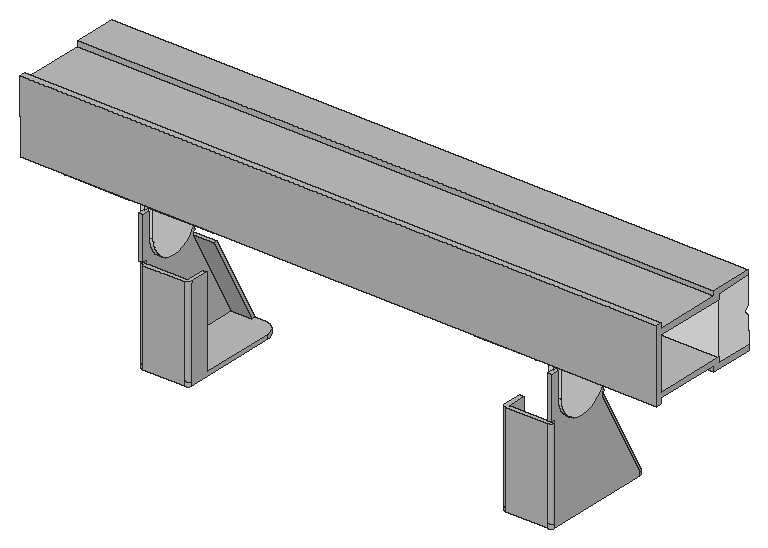
Revit family "4070741+4070746+4070771 Feilo Sylvania Lighting Fixture CURSUS 306MM 192LM WIDE LED 4K with CONTINUOUS WALL HOUSING with 70MM WALL BRACKET", category Lighting Fixtures, host Face, Revit 2017
Family settings
  Host = Face
  Round Connector Dimension = Use Diameter
  Part Type = Normal
  OmniClass Number = 23.80.70.14
  OmniClass Title = Luminaries for External Lighting
  Cut with Voids When Loaded = Yes
  Light Source = No
  Shared = No
  Room Calculation Point = No
Parameters (values of type "4070741 CURSUS 306MM 192LM WIDE LED 4K")
  Weight = "0.6 kg"
  Wattage Comments = "n/a"
  WarrantyStartDate [instance] = "n/a"
  WarrantyGuarantorParts = "n/a"
  WarrantyDurationUnit = "n/a"
  WarrantyDurationParts = "n/a"
  WarrantyDescription = "n/a"
  Voltage = 24 V
  URL = "http://www.sylvania-lighting.com"
  TypeName = "CURSUS 306MM 192LM WIDE LED 4K"
  TypeFixture_FEILO = CURSUS with CONTINUOUS WALL HOUSING : CURSUS 306MM 192LM WIDE LED 4K
  Type Image = <None>
  Type Comments = "n/a"
  TiltAngle [instance] = 0.00°
  StartAngle [instance] = TiltAngle + 270.00°  # 270.00°
  SerialNumber [instance] = "n/a"
  ReflectorMaterial = none
  PowerFactor = 0
  PowerConsumption = "4.5 W"
  NominalLength = 306 mm
  NominalHeight = 50 mm
  NominalDepth = 30 mm
  Name = "CURSUS 306MM 192LM WIDE LED 4K"
  ModelReference = Name  # "CURSUS 306MM 192LM WIDE LED 4K"
  ModelNumber = "4070741"
  Model = Name  # "CURSUS 306MM 192LM WIDE LED 4K"
  Material = "natural anodised extruded aluminium structure housing"
  ManufacturerName = "Feilo Sylvania"
  Manufacturer = "Feilo Sylvania"
  LuminousEfficacy = "42.66 lm/W"
  LuminaireType = ""
  LightOutputRatio = "100"
  LampsType = Lamp  # "LED"
  LampNominalLuminous = "192 lm"
  LampMacAdamStep = "n/a"
  LampColourTemperature = "4000 K"
  LampColourRenderingIndex = "80"
  Lamp = "LED"
  Keynote = "16500"
  InstallationDate [instance] = "n/a"
  InputVoltage = "24V DC"
  InputNominalFrequency = "n/a"
  IngressProtection = "IP67"
  ImpactProtectionIndex = "IK07"
  IfcExportType = "IfcLightFixtureType"
  IfcExportAs = "IfcLightFixtureType"
  ExpectedLife = 50000
  EndAngle [instance] = StartAngle - 180.00°  # 90.00°
  ElectricShockClassification = "Class III"
  DurationUnit = "hours"
  DocumentationLiterature = "http://www.sylvania-lighting.com/product/en-int/products/4070741"
  DimmingControlOptions = "n/a"
  DiffuserMaterial = Diffuser-Sylvania-Glow
  Description = "LED Exterior Lighting Recessed Surface Mounted Linear Fixture, Natural anodised extruded aluminium structure. Die-cast aluminium end caps. Installation kit with harmonic steel springs., 192 lm, 4,5W,  42lm/W, 4000K, CRI80+,non dimmable,IP67, IK07, (HxWxD) 306x50x30mm, 3 step Mac Adam Ellipse, 0.6kg,, Classe III, 21-25V-DC, energy class : A++, A+, A"
  Default Elevation = 1219.2 mm
  CreatedOn = "1/8/2018"
  CreatedBy = ""
  Cost = 0
  built-in parameter 1114216 [instance] = (empty or 0)
  ClassificationValue = "EF_70_80"
  ClassificationName = "Uniclass2015"
  BracketWidth = 24 mm
  BracketThickness = 2 mm
  BracketHeightEnd = 32 mm
  BracketHeight = 55 mm
  BracketFlange = BracketHeight / 5  # 11 mm
  BracketExtension = 70 mm
  BracketEndReduction = 25 mm
  BracketC = 22 mm  # constant formula
  BracketDistance = 175 mm
  BracketD = BracketHeightEnd - (BracketC * (BracketHeight - BracketHeightEnd) / (BracketExtension - BracketEndReduction))  # 20.756 mm
  BodyMaterial = Body-Sylvania-Gray
  BarCode [instance] = "n/a"
  AssetType = "Fixed"
  AssetIdentifier [instance] = "n/a"
  Assembly Code = "D5020200"
  Apparent Load = 4.5 VA
  AccessoryMaterial = Diffuser-Sylvania-Glow
Reference planes
  plane 1 "Center (Front/Back)": y = 0
  plane 2: z = 0
  plane 3 "Center (Left/Right)": x = 0
  plane 4: x = -99.5
  plane 5: x = 99.5
  plane 6: y = 55
  plane 7: x = -75.5
  plane 8: x = 75.5
  plane 9: z = 70
  plane 10: z = 56
  plane 11: z = 2
  plane 12: z = 45
  plane 13: x = -97.5
  plane 14: y = 53
  plane 15: y = 2
  plane 16: x = -77.5
  plane 17: x = 77.5
  plane 18: x = 97.5
  plane 19: x = -87.5
  plane 20: x = 87.5
  plane 21: y = 11
  plane 22: y = 32
  plane 23: y = 30
  plane 24: z = 67
  plane 25: y = 20.756
  plane 26: y = 16
Forms (mm)
  Blend 1, solid, material "Body-Sylvania-Gray" <- "BodyMaterial"
    base sketch origin (1223.4, -4572, 2) x (0, -1, 0) y (1, 0, 0)
      loop
        line (-4625, -1310.9) -> (-4627, -1310.9) -> (-4627, -1320.9)
        arc (-4627, -1320.9) -> (-4626.414, -1322.314) -> (-4625, -1322.9) r 2
        line (-4625, -1322.9) -> (-4574, -1322.9)
        arc (-4574, -1322.9) -> (-4572.586, -1322.314) -> (-4572, -1320.9) r 2
        line (-4572, -1320.9) -> (-4572, -1300.9)
        arc (-4572, -1300.9) -> (-4572.586, -1299.486) -> (-4574, -1298.9) r 2
        line (-4574, -1298.9) -> (-4583, -1298.9) -> (-4583, -1300.9) -> (-4574, -1300.9) -> (-4574, -1320.9) -> (-4625, -1320.9) -> (-4625, -1310.9)
    top sketch origin (1223.4, -4572, 2) x (0, -1, 0) y (1, 0, 0)
      loop
        line (-4583, -1300.9) -> (-4574, -1300.9) -> (-4574, -1320.9) -> (-4602, -1320.9) -> (-4602, -1310.9) -> (-4604, -1310.9) -> (-4604, -1320.9)
        arc (-4604, -1320.9) -> (-4603.52, -1322.21) -> (-4602.309, -1322.9) r 2.028
        line (-4602.309, -1322.9) -> (-4574, -1322.9)
        arc (-4574, -1322.9) -> (-4572.586, -1322.314) -> (-4572, -1320.9) r 2
        line (-4572, -1320.9) -> (-4572, -1300.9)
        arc (-4572, -1300.9) -> (-4572.586, -1299.486) -> (-4574, -1298.9) r 2
        line (-4574, -1298.9) -> (-4583, -1298.9) -> (-4583, -1300.9)
    from 0 to 43
  Extrusion 2, solid, material "Body-Sylvania-Gray" <- "BodyMaterial"
    sketch origin (0, 0, 0) x (1, 0, 0) y (0, 1, 0)
      loop
        arc (-97.5, 55) -> (-98.914, 54.414) -> (-99.5, 53) r 2
        line (-99.5, 53) -> (-99.5, 2)
        arc (-99.5, 2) -> (-98.914, 0.586) -> (-97.5, 0) r 2
        line (-97.5, 0) -> (-77.5, 0)
        arc (-77.5, 0) -> (-76.086, 0.586) -> (-75.5, 2) r 2
        line (-75.5, 2) -> (-75.5, 47.5)
        arc (-75.5, 47.5) -> (-77.697, 52.803) -> (-83, 55) r 7.5
        line (-83, 55) -> (-97.5, 55)
      loop
        line (97.5, 55) -> (83, 55)
        arc (83, 55) -> (77.697, 52.803) -> (75.5, 47.5) r 7.5
        line (75.5, 47.5) -> (75.5, 2)
        arc (75.5, 2) -> (76.086, 0.586) -> (77.5, 0) r 2
        line (77.5, 0) -> (97.5, 0)
        arc (97.5, 0) -> (98.914, 0.586) -> (99.5, 2) r 2
        line (99.5, 2) -> (99.5, 53)
        arc (99.5, 53) -> (98.914, 54.414) -> (97.5, 55) r 2
    from 0 to 2
  Blend 3, solid, material "Body-Sylvania-Gray" <- "BodyMaterial"
    base sketch origin (1223.4, -4572, 2) x (0, -1, 0) y (1, 0, 0)
      loop
        line (-4625, -1125.9) -> (-4574, -1125.9) -> (-4574, -1145.9) -> (-4583, -1145.9) -> (-4583, -1147.9) -> (-4574, -1147.9)
        arc (-4574, -1147.9) -> (-4572.586, -1147.314) -> (-4572, -1145.9) r 2
        line (-4572, -1145.9) -> (-4572, -1125.9)
        arc (-4572, -1125.9) -> (-4572.586, -1124.486) -> (-4574, -1123.9) r 2
        line (-4574, -1123.9) -> (-4625, -1123.9)
        arc (-4625, -1123.9) -> (-4626.414, -1124.486) -> (-4627, -1125.9) r 2
        line (-4627, -1125.9) -> (-4627, -1135.9) -> (-4625, -1135.9) -> (-4625, -1125.9)
    top sketch origin (1223.4, -4572, 2) x (0, -1, 0) y (1, 0, 0)
      loop
        line (-4602, -1135.9) -> (-4602, -1125.9) -> (-4574, -1125.9) -> (-4574, -1145.9) -> (-4583, -1145.9) -> (-4583, -1147.9) -> (-4574, -1147.9)
        arc (-4574, -1147.9) -> (-4572.586, -1147.314) -> (-4572, -1145.9) r 2
        line (-4572, -1145.9) -> (-4572, -1125.9)
        arc (-4572, -1125.9) -> (-4572.586, -1124.486) -> (-4574, -1123.9) r 2
        line (-4574, -1123.9) -> (-4602, -1123.9)
        arc (-4602, -1123.9) -> (-4603.414, -1124.486) -> (-4604, -1125.9) r 2
        line (-4604, -1125.9) -> (-4604, -1135.9) -> (-4602, -1135.9)
    from 0 to 43
  Blend 4, solid, material "Body-Sylvania-Gray" <- "BodyMaterial"
    base sketch origin (1223.4, -4572, 45) x (0, -1, 0) y (1, 0, 0)
      loop
        line (-4604, -1322.9) -> (-4572, -1322.9) -> (-4572, -1320.9) -> (-4604, -1320.9) -> (-4604, -1322.9)
    top sketch origin (1223.4, -4572, 45) x (0, -1, 0) y (1, 0, 0)
      loop
        line (-4572, -1322.9) -> (-4572, -1320.9) -> (-4592.756, -1320.9) -> (-4592.756, -1322.9) -> (-4572, -1322.9)
    from 0 to 22
  Blend 5, solid, material "Body-Sylvania-Gray" <- "BodyMaterial"
    base sketch origin (1223.4, -4572, 45) x (0, -1, 0) y (1, 0, 0)
      loop
        line (-4604, -1125.9) -> (-4572, -1125.9) -> (-4572, -1123.9) -> (-4604, -1123.9) -> (-4604, -1125.9)
    top sketch origin (1223.4, -4572, 45) x (0, -1, 0) y (1, 0, 0)
      loop
        line (-4572, -1123.9) -> (-4592.756, -1123.9) -> (-4592.756, -1125.9) -> (-4572, -1125.9) -> (-4572, -1123.9)
    from 0 to 22
  Extrusion 6, void
    sketch origin (0, 0, 0) x (0, 1, 0) y (0, 0, 1)
      loop
        line (0, 45) -> (2, 45) -> (2, 46.5) -> (0, 46.5) -> (0, 45)
      loop
        line (32, 45) -> (32, 46.5) -> (30, 46.5) -> (30, 45) -> (32, 45)
    from -99.5 to 99.5
  Revolve 7, solid, not visible
    sketch origin (1524, 16, 1219.2) x (1, 0, 0) y (0, 0, 1)
      loop
        line (-1524, -1152.2) -> (-1524, -1163.2) -> (-1436.5, -1163.2) -> (-1436.5, -1152.2) -> (-1524, -1152.2)
      axis (-1436.5, -1163.2) -> (-1524, -1163.2)
    angle from 270 <- "StartAngle" to 90 <- "EndAngle"
Cuts and joins
  Extrusion 6 cuts Blend 4
  Extrusion 6 cuts Blend 5
  joined: Blend 1, Extrusion 2, Blend 3, Blend 4, Blend 5
Lines and regions (mm)
  reference lines, not visible
    curve 1: line (-75.5, 16, 56) -> (75.5, 16, 56)
Dimensions and locks
  equal spacing: plane 4, plane 3 "Center (Left/Right)", plane 5
  "BracketDistance": plane 19 to plane 20
  "BracketHeight": plane 1 "Center (Front/Back)" to plane 6
  equal spacing: plane 7, plane 3 "Center (Left/Right)", plane 8
  "BracketWidth": plane 4 to plane 7
  "BracketExtension": plane 9 to plane 2
  "BracketThickness": plane 11 to plane 2
  "BracketEndReduction": plane 9 to plane 12
  equal spacing: plane 13, plane 3 "Center (Left/Right)", plane 18
  equal spacing: plane 16, plane 3 "Center (Left/Right)", plane 17
  "BracketThickness": plane 4 to plane 13
  "BracketThickness": plane 16 to plane 7
  "BracketThickness": plane 14 to plane 6
  "BracketThickness": plane 1 "Center (Front/Back)" to plane 15
  equal spacing: plane 4, plane 19, plane 7
  equal spacing: plane 8, plane 20, plane 5
  "BracketFlange": plane 1 "Center (Front/Back)" to plane 21
  "BracketHeightEnd": plane 1 "Center (Front/Back)" to plane 22
  "BracketThickness": plane 23 to plane 22
  locked: Extrusion 2 sketch curve to plane 7 at 7.5
  locked: Extrusion 2 sketch curve to plane 6 at 7.5  (x2)
  locked: plane 8 to Extrusion 2 sketch curve at 7.5
  "BracketC": plane 24 to plane 12
  "BracketD": plane 1 "Center (Front/Back)" to plane 25
  locked: plane 12 to Extrusion 6 sketch curve at 1.5
  equal spacing: plane 24, plane 10, plane 12
  equal spacing: plane 1 "Center (Front/Back)", plane 26, plane 22
  aligned and locked: plane 2 to host face
  aligned and locked: level to host face
  aligned and locked: plane 4 to Blend 1 sketch curve  (x2)
  aligned and locked: plane 13 to Blend 1 sketch curve  (x3)
  aligned and locked: Blend 1 sketch curve to plane 15
  aligned and locked: Blend 1 sketch curve to plane 16
  aligned and locked: Blend 1 sketch curve to plane 21
  aligned and locked: plane 7 to Blend 1 sketch curve
  aligned and locked: plane 16 to Blend 1 sketch curve
  aligned and locked: plane 1 "Center (Front/Back)" to Blend 1 sketch curve
  aligned and locked: plane 14 to Blend 1 sketch curve
  aligned and locked: Blend 1 sketch curve to var sketch  (x6)
  aligned and locked: Blend 1 sketch curve to plane 19
  aligned and locked: Blend 1 sketch curve to plane 22
  aligned and locked: plane 23 to Blend 1 sketch curve
  aligned and locked: plane 11 to Blend 1
  aligned and locked: Extrusion 2 sketch curve to Blend 1  (x3)
  aligned and locked: Extrusion 2 to level
  aligned and locked: Extrusion 2 to plane 11
  aligned and locked: Extrusion 2 sketch curve to plane 7
  aligned and locked: plane 18 to Blend 3 sketch curve  (x4)
  aligned and locked: plane 14 to Blend 3 sketch curve  (x2)
  aligned and locked: Blend 3 sketch curve to plane 20
  aligned and locked: Blend 3 sketch curve to plane 6
  aligned and locked: plane 5 to Blend 3 sketch curve
  aligned and locked: plane 1 "Center (Front/Back)" to Blend 3 sketch curve
  aligned and locked: plane 15 to Blend 3 sketch curve  (x2)
  aligned and locked: Blend 3 sketch curve to plane 8
  aligned and locked: Blend 3 sketch curve to plane 21
  aligned and locked: plane 17 to Blend 3 sketch curve
  aligned and locked: Blend 3 sketch curve to plane 18
  aligned and locked: plane 20 to Blend 3 sketch curve  (x2)
  aligned and locked: Blend 3 sketch curve to plane 23
  aligned and locked: Blend 3 sketch curve to var sketch  (x8)
  aligned and locked: var sketch to Blend 3 sketch curve
  aligned and locked: plane 22 to Blend 3 sketch curve
  aligned and locked: plane 11 to Blend 3
  aligned and locked: Extrusion 2 sketch curve to Blend 3  (x4)
  aligned and locked: Blend 1 to plane 12
  aligned and locked: Blend 3 to plane 12
  aligned and locked: Blend 4 sketch curve to plane 22
  aligned and locked: Blend 4 sketch curve to cut or joined group of Blend 1, Extrusion 2, Blend 3, Blend 4, Blend 5, Extrusion 6  (x2)
  aligned and locked: cut or joined group of Blend 1, Extrusion 2, Blend 3, Blend 4, Blend 5, Extrusion 6 to Blend 4 sketch curve
  aligned and locked: Blend 4 sketch curve to var sketch  (x2)
  aligned and locked: Blend 4 sketch curve to plane 13
  aligned and locked: Blend 4 to plane 24
  aligned and locked: Blend 4 sketch curve to plane 25
  aligned and locked: Blend 5 sketch curve to plane 18  (x2)
  aligned and locked: plane 1 "Center (Front/Back)" to Blend 5 sketch curve
  aligned and locked: plane 5 to Blend 5 sketch curve
  aligned and locked: plane 22 to Blend 5 sketch curve
  aligned and locked: Blend 5 sketch curve to var sketch
  aligned and locked: var sketch to Blend 5 sketch curve
  aligned and locked: Blend 5 sketch curve to plane 25
  aligned and locked: Blend 5 to plane 24
  aligned and locked: plane 12 to Blend 5
  aligned and locked: Extrusion 6 sketch curve to cut or joined group of Blend 1, Extrusion 2, Blend 3, Blend 4, Blend 5, Extrusion 6  (x2)
  aligned and locked: Extrusion 6 sketch curve to Extrusion 6 sketch curve
  aligned and locked: Extrusion 6 sketch curve to plane 15
  aligned and locked: plane 5 to Extrusion 6
  aligned and locked: Extrusion 6 to plane 4
  aligned and locked: Extrusion 6 sketch curve to plane 23
  aligned and locked: Revolve 7 sketch curve to plane 10  (x2)
  aligned and locked: plane 24 to Revolve 7 sketch curve
  aligned and locked: plane 3 "Center (Left/Right)" to Revolve 7 sketch curve
  aligned and locked: Revolve 7 sketch curve to plane 20
  aligned and locked: plane 7 to curve 1
  aligned and locked: plane 10 to curve 1
  aligned and locked: nested 1 to plane 5
  aligned and locked: nested 2 to plane 4
  aligned and locked: nested 1 to curve 1
  aligned and locked: nested 2 to curve 1
  aligned and locked: nested 1 to nested 3
  aligned and locked: nested 3 to plane 3 "Center (Left/Right)"
Automatic sketch dimensions
  host sketch curve to host sketch curve = 2438.4 mm  (x2)
  Blend 1 sketch curve to plane 13 = 0 mm
  plane 15 to Blend 1 sketch curve = 0 mm  (x3)
  Blend 1 sketch curve to plane 23 = 0.309 mm
  plane 6 to Blend 1 sketch curve = 0 mm
  plane 14 to Blend 1 sketch curve = 0 mm
  Blend 1 sketch curve to plane 19 = 0 mm
  Blend 3 sketch curve to plane 17 = 0 mm
  Extrusion 6 sketch curve to plane 1 "Center (Front/Back)" = 0 mm
  plane 12 to Extrusion 6 sketch curve = 0 mm
  Revolve 7 sketch curve to plane 4 = 1153 mm
  plane 5 to Revolve 7 sketch curve = 1161.4 mm
  curve 1 to plane 8 = 0 mm
Nested families
  nested 1: "MountingPlate" at (98.5, 16, 56) x (-1, 0, 0) z (0, 0, 1), type "MountingPlate"
  nested 2: "MountingPlate" at (-98.5, 16, 56) x (-1, 0, 0) z (0, 0, 1), type "MountingPlate"
  nested 3: "CURSUS with CONTINUOUS WALL HOUSING" at (0, -4, 74) x (-1, 0, 0) z (0, 0, 1), type <- "TypeFixture_FEILO", type "CURSUS 306MM 192LM WIDE LED 4K"
    with WarrantyStartDate "n/a", SerialNumber "n/a", InstallationDate "n/a", EndCapRight no, EndCapLeft no, built-in parameter 1114216 (empty or 0), BarCode "n/a", AssetIdentifier "n/a"
Connectors
  electrical at (0, 0, 0), driven by "Voltage", driven by "Apparent Load", driven by "PowerFactor", driven by "Apparent Load"
    settings: index 1, voltage 24 V, apparent load 4.5 VA, apparent load phase1 4.5 VA, apparent load phase2 0 VA, apparent load phase3 0 VA, power factor 0, load classification "Other", number of poles 1, system type 30, power factor state 1, is connector primary yes, connector utility no, sub classification motor no, connector description ""
Definition of nested family "MountingPlate"
  Parameters (values of type "MountingPlate")
    URL = "http://www.feilosylvania.com"
    Type Comments = "n/a"
    ReflectorMaterial = none
    MountingPlateWidth = 76 mm
    MountingPlateThickness = 2 mm
    MountingPlateRadiusBack = 12 mm
    MountingPlateRadius = 3 mm
    MountingPlateHeight = 35 mm
    Model = "n/a"
    Manufacturer = "Feilo Sylvania"
    Keynote = "n/a"
    DiffuserMaterial = none
    Description = "n/a"
    Default Elevation = 1219.2 mm
    Cost = 0
    BodyMaterial = none
    Assembly Code = "n/a"
    AccessoryMaterial = none
  Reference planes
    plane 1 "Center (Front/Back)": y = 0
    plane 2: z = 0
    plane 3 "Center (Left/Right)": x = 0
    plane 4: x = -38
    plane 5: x = 38
    plane 6: y = 17.5
    plane 7: y = -17.5
    plane 8: x = -3
    plane 9: x = 3
    plane 10: z = 18
    plane 11: z = 16
    plane 12: y = 12.5
    plane 13: y = -12.5
    plane 14: x = -1
    plane 15: x = 1
    plane 16: z = -12.5
    plane 17: z = -14.5
  Forms (mm)
    Extrusion 1, solid
      sketch origin (1.653, 0, 0) x (1, 0, 0) y (0, 1, 0)
        loop
          line (-1219.2, 1219.2) -> (-1219.2, -1219.2) -> (1219.2, -1219.2) -> (1219.2, 1219.2) -> (-1219.2, 1219.2)
      from 0 to -304.8
    Extrusion 2, solid, material <- "BodyMaterial"
      sketch origin (1218.4, -4572, 16) x (0, -1, 0) y (-1, 0, 0)
        loop
          line (-4589.5, 1253.4) -> (-4589.5, 1224.4)
          arc (-4589.5, 1224.4) -> (-4588.621, 1222.279) -> (-4586.5, 1221.4) r 3
          line (-4586.5, 1221.4) -> (-4557.5, 1221.4)
          arc (-4557.5, 1221.4) -> (-4555.379, 1222.279) -> (-4554.5, 1224.4) r 3
          line (-4554.5, 1224.4) -> (-4554.5, 1253.4)
          arc (-4554.5, 1253.4) -> (-4555.379, 1255.521) -> (-4557.5, 1256.4) r 3
          line (-4557.5, 1256.4) -> (-4586.5, 1256.4)
          arc (-4586.5, 1256.4) -> (-4588.621, 1255.521) -> (-4589.5, 1253.4) r 3
        loop
          arc (-4589.5, 1183.4) -> (-4588.621, 1181.279) -> (-4586.5, 1180.4) r 3
          line (-4586.5, 1180.4) -> (-4557.5, 1180.4)
          arc (-4557.5, 1180.4) -> (-4555.379, 1181.279) -> (-4554.5, 1183.4) r 3
          line (-4554.5, 1183.4) -> (-4554.5, 1212.4)
          arc (-4554.5, 1212.4) -> (-4555.379, 1214.521) -> (-4557.5, 1215.4) r 3
          line (-4557.5, 1215.4) -> (-4586.5, 1215.4)
          arc (-4586.5, 1215.4) -> (-4588.621, 1214.521) -> (-4589.5, 1212.4) r 3
          line (-4589.5, 1212.4) -> (-4589.5, 1183.4)
      from 0 to -2
    Extrusion 3, solid, material <- "BodyMaterial"
      sketch origin (0, 0, 0) x (1, 0, 0) y (0, 0, 1)
        loop
          line (-3, 18) -> (-3, -12.5) -> (-1, -12.5) -> (-1, 16)
          arc (-1, 16) -> (-1.586, 17.414) -> (-3, 18) r 2
        loop
          line (3, -12.5) -> (3, 18)
          arc (3, 18) -> (1.586, 17.414) -> (1, 16) r 2
          line (1, 16) -> (1, -12.5) -> (3, -12.5)
      from -12.5 to 12.5
    Extrusion 4, void
      sketch origin (0, 0, 0) x (0, 1, 0) y (0, 0, 1)
        loop
          line (-12.5, -0.5) -> (-17.5, -0.5) -> (-17.5, -14.5) -> (-0.5, -14.5) -> (-0.5, -12.5)
          arc (-0.5, -12.5) -> (-8.985, -8.985) -> (-12.5, -0.5) r 12
        loop
          line (0.5, -12.5) -> (0.5, -14.5) -> (17.5, -14.5) -> (17.5, -0.5) -> (12.5, -0.5)
          arc (12.5, -0.5) -> (8.985, -8.985) -> (0.5, -12.5) r 12
      from -3 to 3
  Cuts and joins
    Extrusion 4 cuts Extrusion 2
    Extrusion 4 cuts Extrusion 3
    joined: Extrusion 2, Extrusion 3
  Lines and regions (mm)
    reference lines
      curve 1: line (-38, 0, 0) -> (38, 0, 0)
  Dimensions and locks
    equal spacing: plane 4, plane 3 "Center (Left/Right)", plane 5
    "MountingPlateWidth": plane 4 to plane 5
    equal spacing: plane 7, plane 1 "Center (Front/Back)", plane 6
    "MountingPlateHeight": plane 7 to plane 6
    equal spacing: plane 8, plane 3 "Center (Left/Right)", plane 9
    "MountingPlateHeight": plane 4 to plane 8
    locked: plane 10 to plane 2 at 18
    "MountingPlateThickness": plane 10 to plane 11
    equal spacing: plane 13, plane 1 "Center (Front/Back)", plane 12
    locked: plane 13 to plane 12 at 25
    "MountingPlateRadius": plane 4 to Extrusion 2 sketch curve  (x2)
    "MountingPlateRadius": Extrusion 2 sketch curve to plane 6  (x4)
    "MountingPlateRadius": Extrusion 2 sketch curve to plane 8  (x2)
    "MountingPlateRadius": plane 7 to Extrusion 2 sketch curve  (x4)
    "MountingPlateRadius": plane 9 to Extrusion 2 sketch curve  (x2)
    "MountingPlateRadius": Extrusion 2 sketch curve to plane 5  (x2)
    equal spacing: plane 15, plane 3 "Center (Left/Right)", plane 14
    "MountingPlateThickness": plane 14 to plane 8
    locked: plane 2 to plane 16 at 12.5
    locked: plane 17 to plane 16 at 2
    "MountingPlateRadiusBack": plane 13 to Extrusion 4 sketch curve
    "MountingPlateRadiusBack": plane 16 to Extrusion 4 sketch curve  (x2)
    "MountingPlateRadiusBack": Extrusion 4 sketch curve to plane 12
    aligned and locked: plane 2 to Extrusion 1
    aligned and locked: level to Extrusion 1
    aligned and locked: Extrusion 2 sketch curve to plane 6
    aligned and locked: Extrusion 2 sketch curve to plane 4
    aligned and locked: plane 7 to Extrusion 2 sketch curve
    aligned and locked: plane 8 to Extrusion 2 sketch curve
    aligned and locked: plane 6 to Extrusion 2 sketch curve
    aligned and locked: Extrusion 2 sketch curve to plane 5
    aligned and locked: Extrusion 2 sketch curve to plane 7
    aligned and locked: plane 9 to Extrusion 2 sketch curve
    aligned and locked: Extrusion 2 to plane 10
    aligned and locked: plane 11 to Extrusion 2
    aligned and locked: Extrusion 3 sketch curve to Extrusion 2  (x2)
    aligned and locked: plane 16 to Extrusion 3 sketch curve  (x2)
    aligned and locked: plane 14 to Extrusion 3 sketch curve
    aligned and locked: plane 9 to Extrusion 3 sketch curve
    aligned and locked: plane 15 to Extrusion 3 sketch curve
    aligned and locked: Extrusion 3 to plane 12
    aligned and locked: plane 13 to Extrusion 3
    aligned and locked: plane 17 to Extrusion 4 sketch curve  (x2)
    aligned and locked: Extrusion 4 sketch curve to plane 7
    aligned and locked: Extrusion 4 sketch curve to plane 6
    aligned and locked: plane 9 to Extrusion 4
    aligned and locked: Extrusion 4 to plane 8
    aligned and locked: plane 4 to curve 1
    aligned and locked: curve 1 to level
  Automatic sketch dimensions
    Extrusion 1 sketch curve to Extrusion 1 sketch curve = 2438.4 mm  (x2)
    Extrusion 3 sketch curve to plane 11 = 0 mm
    curve 1 to plane 5 = 0 mm
    Extrusion 4 sketch curve to plane 13 = 0 mm
    Extrusion 4 sketch curve to plane 12 = 0 mm
Definition of nested family "CURSUS with CONTINUOUS WALL HOUSING"
  Parameters (values of type "CURSUS 1161MM 827LM OVAL LED 3K")
    Width_FEILO = 35 mm
    Weight = "2.2 kg"
    Wattage Comments = "n/a"
    Wattage = 18 W
    WarrantyStartDate [instance] = "n/a"
    WarrantyGuarantorParts = "n/a"
    WarrantyDurationUnit = "n/a"
    WarrantyDurationParts = "n/a"
    WarrantyDescription = "n/a"
    WallThickness_FEILO = 2.5 mm
    built-in parameter 1150110 = 1 (stored number, unit not read)
    Voltage = 24 V
    URL = "http://www.feilosylvania.com"
    TypeName = "CURSUS 1161MM 827LM OVAL LED 3K"
    Type Image = (empty or 0)
    Type Comments = "n/a"
    built-in parameter 1114217 = 1 (stored number, unit not read)
    Tilt Angle = -90.00°
    built-in parameter 1150109 = 1 (stored number, unit not read)
    built-in parameter 1150134 = (empty or 0)
    built-in parameter 1150113 = 1 (stored number, unit not read)
    SerialNumber [instance] = "n/a"
    ReflectorMaterial = none
    PowerFactor = 0
    PowerConsumption = "18 W"
    Photometric Web File = "4070765.ies"
    NominalLength = 1161 mm
    NominalHeight = 50 mm
    NominalDepth = 30 mm
    Name = "CURSUS 1161MM 827LM OVAL LED 3K"
    ModelReference = Name  # "CURSUS 1161MM 827LM OVAL LED 3K"
    ModelNumber = ""
    Model = Name  # "CURSUS 1161MM 827LM OVAL LED 3K"
    Material = "natural anodised extruded aluminium structure housing, optical system with pmma lenses diffuser"
    ManufacturerName = "Feilo Sylvania"
    Manufacturer = "Feilo Sylvania"
    LuminousEfficacy = "45.94 lm/W"
    built-in parameter 1150105 = 65.811 (stored number, unit not read)
    Lumens = 827 lm
    LuminaireType = ""
    built-in parameter 1150115 = 1 (stored number, unit not read)
    LightOutputRatio = "100"
    built-in parameter 1150137 = (empty or 0)
    built-in parameter 1150139 = (empty or 0)
    Length_FEILO = 1167 mm
    LampsType = Lamp  # "LED"
    LampNominalLuminous = "827 lm"
    LampMacAdamStep = "n/a"
    LampColourTemperature = "3000 K"
    LampColourRenderingIndex = "80"
    built-in parameter 1150112 = 1 (stored number, unit not read)
    built-in parameter 1150114 = 1 (stored number, unit not read)
    Lamp = "LED"
    Keynote = "16500"
    InstallationDate [instance] = "n/a"
    InputVoltage = "24V DC"
    InputNominalFrequency = "n/a"
    built-in parameter 1150132 = (empty or 0)
    built-in parameter 1150102 = (empty or 0)
    built-in parameter 1150107 = 3000 (stored number, unit not read)
    built-in parameter 1150138 = (empty or 0)
    IngressProtection = "IP67"
    ImpactProtectionIndex = "IK07"
    built-in parameter 1150106 = 0.65811 (stored number, unit not read)
    IfcExportType = "IfcLightFixtureType"
    IfcExportAs = "IfcLightFixtureType"
    ExpectedLife = 50000
    EndCapRight [instance] = no
    EndCapLeft [instance] = no
    Emit from Rectangle Width = Width_FEILO - WallThickness_FEILO * 2  # 30 mm
    Emit from Rectangle Length = Length_FEILO - WallThickness_FEILO * 2  # 1162 mm
    Emit Shape Visible in Rendering = no
    ElectricShockClassification = "Class III"
    built-in parameter 1150104 = 4.2684 (stored number, unit not read)
    DurationUnit = "hours"
    DocumentationLiterature = "http://www.feilosylvania.com/product/en-int/products/4070765"
    DimmingControlOptions = "n/a"
    Dimming Lamp Color Temperature Shift = (empty or 0)
    DiffuserMaterial = none
    Description = "LED Exterior Lighting Recessed Surface Mounted Linear Fixture, Natural anodised extruded aluminium structure. Die-cast aluminium end caps. Installation kit with harmonic steel springs., 827 lm, 18W, 45lm/W, 3000K, CRI80+,non dimmable,IP67, IK07, (HxWxD) 1161x50x30mm, 3 step Mac Adam Ellipse, 2.2kg,, Classe III, 21-25V-DC, energy class : A++, A+, A"
    Default Elevation = 1219.2 mm
    CreatedOn = "1/8/2018"
    CreatedBy = "aron.fodor@feilosylvania.com"
    Cost = 0
    Color Filter = 16777215
    built-in parameter 1114216 [instance] = (empty or 0)
    ClassificationValue = "EF_70_80"
    ClassificationName = "Uniclass2015"
    BodyMaterial = none
    BarCode [instance] = "n/a"
    built-in parameter 1114218 = 1 (stored number, unit not read)
    built-in parameter 1150133 = 10 (stored number, unit not read)
    AssetType = "Fixed"
    AssetIdentifier [instance] = "n/a"
    Assembly Code = "D5020200"
    Apparent Load = 18 VA
    AccessoryMaterial = none
  Types (16, lengths in mm): name | Weight | Wattage | Voltage | TypeName | built-in parameter 1150134 | PowerConsumption | Photometric Web File | NominalLength | Name | ModelReference | Model | Material | LuminousEfficacy | built-in parameter 1150105 | Lumens | Length_FEILO | LampNominalLuminous | LampColourTemperature | InputVoltage | InputNominalFrequency | built-in parameter 1150107 | built-in parameter 1150106 | Emit from Rectangle Length | built-in parameter 1150104 | DocumentationLiterature | Description | Apparent Load
    CURSUS 1161MM 827LM OVAL LED 3K | "2.2 kg" | 18 W | 24 V | "CURSUS 1161MM 827LM OVAL LED 3K" | (empty or 0) | "18 W" | "4070765.ies" | 1161 | "CURSUS 1161MM 827LM OVAL LED 3K" | "CURSUS 1161MM 827LM OVAL LED 3K" | "CURSUS 1161MM 827LM OVAL LED 3K" | "natural anodised extruded aluminium structure housing, optical system with pmma lenses diffuser" | "45.94 lm/W" | 65.811 (stored number, unit not read) | 827 lm | 1167 | "827 lm" | "3000 K" | "24V DC" | "n/a" | 3000 (stored number, unit not read) | 0.65811 (stored number, unit not read) | 1162 | 4.2684 (stored number, unit not read) | "http://www.feilosylvania.com/product/en-int/products/4070765" | "LED Exterior Lighting Recessed Surface Mounted Linear Fixture, Natural anodised extruded aluminium structure. Die-cast aluminium end caps. Installation kit with harmonic steel springs., 827 lm, 18W, 45lm/W, 3000K, CRI80+,non dimmable,IP67, IK07, (HxWxD) 1161x50x30mm, 3 step Mac Adam Ellipse, 2.2kg,, Classe III, 21-25V-DC, energy class : A++, A+, A" | 18 VA
    CURSUS 1161MM 731LM WIDE LED 3K | "2.2 kg" | 18 W | 230 V | "CURSUS 1161MM 731LM WIDE LED 3K" | (empty or 0) | "18 W" | "4070764.ies" | 1161 | "CURSUS 1161MM 731LM WIDE LED 3K" | "CURSUS 1161MM 731LM WIDE LED 3K" | "CURSUS 1161MM 731LM WIDE LED 3K" | "natural anodised extruded aluminium structure housing" | "40.61 lm/W" | 58.171 (stored number, unit not read) | 731 lm | 1167 | "731 lm" | "3000 K" | "220-240V~" | "n/a" | 3000 (stored number, unit not read) | 0.58171 (stored number, unit not read) | 1162 | 3.7729 (stored number, unit not read) | "http://www.feilosylvania.com/product/en-int/products/4070764" | "LED Exterior Lighting Recessed Surface Mounted Linear Fixture, Natural anodised extruded aluminium structure. Die-cast aluminium end caps. Installation kit with harmonic steel springs., 731 lm, 18W, 40lm/W, 3000K, CRI80+,non dimmable,IP67, IK07, (HxWxD) 1161x50x30mm, 3 step Mac Adam Ellipse, 2.2kg,, Classe III, 21-25V-DC, energy class : A++, A+, A" | 18 VA
    CURSUS 1161MM 871LM OVAL LED 4K | "2.2 kg" | 18 W | 24 V | "CURSUS 1161MM 871LM OVAL LED 4K" | 12 | "18 W" | "4070763.ies" | 1161 | "CURSUS 1161MM 871LM OVAL LED 4K" | "CURSUS 1161MM 871LM OVAL LED 4K" | "CURSUS 1161MM 871LM OVAL LED 4K" | "natural anodised extruded aluminium structure housing, optical system with pmma lenses diffuser" | "48.38 lm/W" | 69.312 (stored number, unit not read) | 871 lm | 1167 | "871 lm" | "4000 K" | "24V DC" | "50/60 Hz" | 4000 (stored number, unit not read) | 0.69312 (stored number, unit not read) | 1162 | 4.4955 (stored number, unit not read) | "http://www.feilosylvania.com/product/en-int/products/4070763" | "LED Exterior Lighting Recessed Surface Mounted Linear Fixture, Natural anodised extruded aluminium structure. Die-cast aluminium end caps. Installation kit with harmonic steel springs., 871 lm, 18W,  48lm/W, 4000K, CRI80+,non dimmable,IP67, IK07, (HxWxD) 1161x50x30mm, 3 step Mac Adam Ellipse, 2.2kg,, Classe III, 21-25V-DC, energy class : A++, A+, A" | 18 VA
    CURSUS 1161MM 770LM WIDE LED 4K | "2.2 kg" | 18 W | 230 V | "CURSUS 1161MM 770LM WIDE LED 4K" | 12 | "18 W" | "4070762.ies" | 1161 | "CURSUS 1161MM 770LM WIDE LED 4K" | "CURSUS 1161MM 770LM WIDE LED 4K" | "CURSUS 1161MM 770LM WIDE LED 4K" | "natural anodised extruded aluminium structure housing" | "42.77 lm/W" | 61.275 (stored number, unit not read) | 770 lm | 1167 | "770 lm" | "4000 K" | "220-240V~" | "n/a" | 4000 (stored number, unit not read) | 0.61275 (stored number, unit not read) | 1162 | 3.9742 (stored number, unit not read) | "http://www.feilosylvania.com/product/en-int/products/4070762" | "LED Exterior Lighting Recessed Surface Mounted Linear Fixture, Natural anodised extruded aluminium structure. Die-cast aluminium end caps. Installation kit with harmonic steel springs., 770 lm, 18W,  42lm/W, 4000K, CRI80+,non dimmable,IP67, IK07, (HxWxD) 1161x50x30mm, 3 step Mac Adam Ellipse, 2.2kg,, Classe III, 21-25V-DC, energy class : A++, A+, A" | 18 VA
    CURSUS 876MM 620LM OVAL LED 3K | "1.7 kg" | 13.5 W | 24 V | "CURSUS 876MM 620LM OVAL LED 3K" | (empty or 0) | "13.5 W" | "4070758.ies" | 876 | "CURSUS 876MM 620LM OVAL LED 3K" | "CURSUS 876MM 620LM OVAL LED 3K" | "CURSUS 876MM 620LM OVAL LED 3K" | "natural anodised extruded aluminium structure housing, optical system with pmma lenses diffuser" | "45.92 lm/W" | 49.338 (stored number, unit not read) | 620 lm | 882 | "620 lm" | "3000 K" | "24V DC" | "50/60 Hz" | 3000 (stored number, unit not read) | 0.49338 (stored number, unit not read) | 877 | 4.2667 (stored number, unit not read) | "http://www.feilosylvania.com/product/en-int/products/4070758" | "LED Exterior Lighting Recessed Surface Mounted Linear Fixture, Natural anodised extruded aluminium structure. Die-cast aluminium end caps. Installation kit with harmonic steel springs., 620 lm, 13,5W, 45lm/W, 3000K, CRI80+,non dimmable,IP67, IK07, (HxWxD) 876x50x30mm, 3 step Mac Adam Ellipse, 1.7kg,, Classe III, 21-25V-DC, energy class : A++, A+, A" | 13.5 VA
    CURSUS 876MM 548LM WIDE LED 3K | "1.7 kg" | 13.5 W | 24 V | "CURSUS 876MM 548LM WIDE LED 3K" | (empty or 0) | "13.5 W" | "4070757.ies" | 876 | "CURSUS 876MM 548LM WIDE LED 3K" | "CURSUS 876MM 548LM WIDE LED 3K" | "CURSUS 876MM 548LM WIDE LED 3K" | "natural anodised extruded aluminium structure housing" | "40.59 lm/W" | 43.608 (stored number, unit not read) | 548 lm | 882 | "548 lm" | "3000 K" | "24V DC" | "n/a" | 3000 (stored number, unit not read) | 0.43608 (stored number, unit not read) | 877 | 3.7712 (stored number, unit not read) | "http://www.feilosylvania.com/product/en-int/products/4070757" | "LED Exterior Lighting Recessed Surface Mounted Linear Fixture, Natural anodised extruded aluminium structure. Die-cast aluminium end caps. Installation kit with harmonic steel springs., 548 lm, 13,5W, 40lm/W, 3000K, CRI80+,non dimmable,IP67, IK07, (HxWxD) 876x50x30mm, 3 step Mac Adam Ellipse, 1.7kg,, Classe III, 21-25V-DC, energy class : A++, A+, A" | 13.5 VA
    CURSUS 876MM 653LM OVAL LED 4K | "1.7 kg" | 13.5 W | 24 V | "CURSUS 876MM 653LM OVAL LED 4K" | 12 | "13.5 W" | "4070756.ies" | 876 | "CURSUS 876MM 653LM OVAL LED 4K" | "CURSUS 876MM 653LM OVAL LED 4K" | "CURSUS 876MM 653LM OVAL LED 4K" | "natural anodised extruded aluminium structure housing, optical system with pmma lenses diffuser" | "48.37 lm/W" | 51.964 (stored number, unit not read) | 653 lm | 882 | "653 lm" | "4000 K" | "24V DC" | "n/a" | 4000 (stored number, unit not read) | 0.51964 (stored number, unit not read) | 877 | 4.4938 (stored number, unit not read) | "http://www.feilosylvania.com/product/en-int/products/4070756" | "LED Exterior Lighting Recessed Surface Mounted Linear Fixture, Natural anodised extruded aluminium structure. Die-cast aluminium end caps. Installation kit with harmonic steel springs., 653 lm, 13,5W,  48lm/W, 4000K, CRI80+,non dimmable,IP67, IK07, (HxWxD) 876x50x30mm, 3 step Mac Adam Ellipse, 1.7kg,, Classe III, 21-25V-DC, energy class : A++, A+, A" | 13.5 VA
    CURSUS 876MM 577LM WIDE LED 4K | "1.7 kg" | 13.5 W | 24 V | "CURSUS 876MM 577LM WIDE LED 4K" | 12 | "13.5 W" | "4070755.ies" | 876 | "CURSUS 876MM 577LM WIDE LED 4K" | "CURSUS 876MM 577LM WIDE LED 4K" | "CURSUS 876MM 577LM WIDE LED 4K" | "natural anodised extruded aluminium structure housing" | "42.74 lm/W" | 45.916 (stored number, unit not read) | 577 lm | 882 | "577 lm" | "4000 K" | "24V DC" | "n/a" | 4000 (stored number, unit not read) | 0.45916 (stored number, unit not read) | 877 | 3.9707 (stored number, unit not read) | "http://www.feilosylvania.com/product/en-int/products/4070755" | "LED Exterior Lighting Recessed Surface Mounted Linear Fixture, Natural anodised extruded aluminium structure. Die-cast aluminium end caps. Installation kit with harmonic steel springs., 577 lm, 13,5W,  42lm/W, 4000K, CRI80+,non dimmable,IP67, IK07, (HxWxD) 876x50x30mm, 3 step Mac Adam Ellipse, 1.7kg,, Classe III, 21-25V-DC, energy class : A++, A+, A" | 13.5 VA
    CURSUS 591MM 414LM OVAL LED 3K | "1.2 kg" | 9 W | 24 V | "CURSUS 591MM 414LM OVAL LED 3K" | (empty or 0) | "9 W" | "4070751.ies" | 591 | "CURSUS 591MM 414LM OVAL LED 3K" | "CURSUS 591MM 414LM OVAL LED 3K" | "CURSUS 591MM 414LM OVAL LED 3K" | "natural anodised extruded aluminium structure housing, optical system with pmma lenses diffuser" | "46 lm/W" | 32.945 (stored number, unit not read) | 414 lm | 597 | "414 lm" | "3000 K" | "24V DC" | "n/a" | 3000 (stored number, unit not read) | 0.32945 (stored number, unit not read) | 592 | 4.2735 (stored number, unit not read) | "http://www.feilosylvania.com/product/en-int/products/4070751" | "LED Exterior Lighting Recessed Surface Mounted Linear Fixture, Natural anodised extruded aluminium structure. Die-cast aluminium end caps. Installation kit with harmonic steel springs., 414 lm, 9W, 46lm/W, 3000K, CRI80+,non dimmable,IP67, IK07, (HxWxD) 591x50x30mm, 3 step Mac Adam Ellipse, 1.2kg,, Classe III, 21-25V-DC, energy class : A++, A+, A" | 9 VA
    CURSUS 591MM 365LM WIDE LED 3K | "1.2 kg" | 9 W | 24 V | "CURSUS 591MM 365LM WIDE LED 3K" | (empty or 0) | "9 W" | "4070750.ies" | 591 | "CURSUS 591MM 365LM WIDE LED 3K" | "CURSUS 591MM 365LM WIDE LED 3K" | "CURSUS 591MM 365LM WIDE LED 3K" | "natural anodised extruded aluminium structure housing" | "40.55 lm/W" | 29.046 (stored number, unit not read) | 365 lm | 597 | "365 lm" | "3000 K" | "24V DC" | "n/a" | 3000 (stored number, unit not read) | 0.29046 (stored number, unit not read) | 592 | 3.7677 (stored number, unit not read) | "http://www.feilosylvania.com/product/en-int/products/4070750" | "LED Exterior Lighting Recessed Surface Mounted Linear Fixture, Natural anodised extruded aluminium structure. Die-cast aluminium end caps. Installation kit with harmonic steel springs., 365 lm, 9W, 40lm/W, 3000K, CRI80+,non dimmable,IP67, IK07, (HxWxD) 591x50x30mm, 3 step Mac Adam Ellipse, 1.2kg,, Classe III, 21-25V-DC, energy class : A++, A+, A" | 9 VA
    CURSUS 591MM 435LM OVAL LED 4K | "1.2 kg" | 9 W | 24 V | "CURSUS 591MM 435LM OVAL LED 4K" | 12 | "9 W" | "4070749.ies" | 591 | "CURSUS 591MM 435LM OVAL LED 4K" | "CURSUS 591MM 435LM OVAL LED 4K" | "CURSUS 591MM 435LM OVAL LED 4K" | "natural anodised extruded aluminium structure housing, optical system with pmma lenses diffuser" | "48.33 lm/W" | 34.616 (stored number, unit not read) | 435 lm | 597 | "435 lm" | "4000 K" | "24V DC" | "n/a" | 4000 (stored number, unit not read) | 0.34616 (stored number, unit not read) | 592 | 4.4903 (stored number, unit not read) | "http://www.feilosylvania.com/product/en-int/products/4070749" | "LED Exterior Lighting Recessed Surface Mounted Linear Fixture, Natural anodised extruded aluminium structure. Die-cast aluminium end caps. Installation kit with harmonic steel springs., 435 lm, 9W, 48lm/W, 4000K, CRI80+,non dimmable,IP67, IK07, (HxWxD) 591x50x30mm, 3 step Mac Adam Ellipse, 1.2kg,, Classe III, 21-25V-DC, energy class : A++, A+, A" | 9 VA
    CURSUS 591MM 385LM WIDE LED 4K | "1.2 kg" | 9 W | 24 V | "CURSUS 591MM 385LM WIDE LED 4K" | 12 | "9 W" | "4070748.ies" | 591 | "CURSUS 591MM 385LM WIDE LED 4K" | "CURSUS 591MM 385LM WIDE LED 4K" | "CURSUS 591MM 385LM WIDE LED 4K" | "natural anodised extruded aluminium structure housing" | "42.77 lm/W" | 30.637 (stored number, unit not read) | 385 lm | 597 | "385 lm" | "4000 K" | "24V DC" | "n/a" | 4000 (stored number, unit not read) | 0.30637 (stored number, unit not read) | 592 | 3.9742 (stored number, unit not read) | "http://www.feilosylvania.com/product/en-int/products/4070748" | "LED Exterior Lighting Recessed Surface Mounted Linear Fixture, Natural anodised extruded aluminium structure. Die-cast aluminium end caps. Installation kit with harmonic steel springs., 385 lm, 9W,  42lm/W, 4000K, CRI80+,non dimmable,IP67, IK07, (HxWxD) 591x50x30mm, 3 step Mac Adam Ellipse, 1.2kg,, Classe III, 21-25V-DC, energy class : A++, A+, A" | 9 VA
    CURSUS 306MM 207LM OVAL LED3K | "0.6 kg" | 4.5 W | 24 V | "CURSUS 306MM 207LM OVAL LED3K" | (empty or 0) | "4.5 W" | "4070744.ies" | 306 | "CURSUS 306MM 207LM OVAL LED3K" | "CURSUS 306MM 207LM OVAL LED3K" | "CURSUS 306MM 207LM OVAL LED3K" | "natural anodised extruded aluminium structure housing, optical system with pmma lenses diffuser" | "46 lm/W" | 16.473 (stored number, unit not read) | 207 lm | 312 | "207 lm" | "3000 K" | "24V DC" | "n/a" | 3000 (stored number, unit not read) | 0.16473 (stored number, unit not read) | 307 | 4.2735 (stored number, unit not read) | "http://www.feilosylvania.com/product/en-int/products/4070744" | "LED Exterior Lighting Recessed Surface Mounted Linear Fixture, Natural anodised extruded aluminium structure. Die-cast aluminium end caps. Installation kit with harmonic steel springs., 207 lm, 4,5W, 46lm/W, 3000K, CRI80+,non dimmable,IP67, IK07, (HxWxD) 306x50x30mm, 3 step Mac Adam Ellipse, 0.6kg,, Classe III, 21-25V-DC, energy class : A++, A+, A" | 4.5 VA
    CURSUS 306MM 183LM WIDE LED 3K | "0.6 kg" | 4.5 W | 24 V | "CURSUS 306MM 183LM WIDE LED 3K" | (empty or 0) | "4.5 W" | "4070743.ies" | 306 | "CURSUS 306MM 183LM WIDE LED 3K" | "CURSUS 306MM 183LM WIDE LED 3K" | "CURSUS 306MM 183LM WIDE LED 3K" | "natural anodised extruded aluminium structure housing" | "40.66 lm/W" | 14.563 (stored number, unit not read) | 183 lm | 312 | "183 lm" | "3000 K" | "24V DC" | "n/a" | 3000 (stored number, unit not read) | 0.14563 (stored number, unit not read) | 307 | 3.7781 (stored number, unit not read) | "http://www.feilosylvania.com/product/en-int/products/4070743" | "LED Exterior Lighting Recessed Surface Mounted Linear Fixture, Natural anodised extruded aluminium structure. Die-cast aluminium end caps. Installation kit with harmonic steel springs., 183 lm, 4,5W, 40lm/W, 3000K, CRI80+,non dimmable,IP67, IK07, (HxWxD) 306x50x30mm, 3 step Mac Adam Ellipse, 0.6kg,, Classe III, 21-25V-DC, energy class : A++, A+, A" | 4.5 VA
    CURSUS 306MM 218LM OVAL LED 4K | "0.6 kg" | 4.5 W | 24 V | "CURSUS 306MM 218LM OVAL LED 4K" | 12 | "4.5 W" | "4070742.ies" | 306 | "CURSUS 306MM 218LM OVAL LED 4K" | "CURSUS 306MM 218LM OVAL LED 4K" | "CURSUS 306MM 218LM OVAL LED 4K" | "natural anodised extruded aluminium structure housing, optical system with pmma lenses diffuser" | "48.44 lm/W" | 17.348 (stored number, unit not read) | 218 lm | 312 | "218 lm" | "4000 K" | "24V DC" | "n/a" | 4000 (stored number, unit not read) | 0.17348 (stored number, unit not read) | 307 | 4.5006 (stored number, unit not read) | "http://www.feilosylvania.com/product/en-int/products/4070742" | "LED Exterior Lighting Recessed Surface Mounted Linear Fixture, Natural anodised extruded aluminium structure. Die-cast aluminium end caps. Installation kit with harmonic steel springs., 218 lm, 4,5W,  48lm/W, 4000K, CRI80+,non dimmable,IP67, IK07, (HxWxD) 306x50x30mm, 3 step Mac Adam Ellipse, 0.6kg,, Classe III, 21-25V-DC, energy class : A++, A+, A" | 4.5 VA
    CURSUS 306MM 192LM WIDE LED 4K | "0.6 kg" | 4.5 W | 24 V | "CURSUS 306MM 192LM WIDE LED 4K" | 12 | "4.5 W" | "4070741.ies" | 306 | "CURSUS 306MM 192LM WIDE LED 4K" | "CURSUS 306MM 192LM WIDE LED 4K" | "CURSUS 306MM 192LM WIDE LED 4K" | "natural anodised extruded aluminium structure housing" | "42.66 lm/W" | 15.279 (stored number, unit not read) | 192 lm | 312 | "192 lm" | "4000 K" | "24V DC" | "n/a" | 4000 (stored number, unit not read) | 0.15279 (stored number, unit not read) | 307 | 3.9639 (stored number, unit not read) | "http://www.feilosylvania.com/product/en-int/products/4070741" | "LED Exterior Lighting Recessed Surface Mounted Linear Fixture, Natural anodised extruded aluminium structure. Die-cast aluminium end caps. Installation kit with harmonic steel springs., 192 lm, 4,5W,  42lm/W, 4000K, CRI80+,non dimmable,IP67, IK07, (HxWxD) 306x50x30mm, 3 step Mac Adam Ellipse, 0.6kg,, Classe III, 21-25V-DC, energy class : A++, A+, A" | 4.5 VA
  Reference planes
    plane 1 "Center (Front/Back)": y = 0
    plane 2: z = 0
    plane 3 "Center (Left/Right)": x = 0
    plane 4: x = 583.5
    plane 5: x = -583.5
    plane 6: x = -581
    plane 7: x = 581
    plane 8: z = 35
    plane 9: z = 17.5
    plane 10: z = 32.5
    plane 11: z = 2.5
    plane 12: z = 30
    plane 13: z = 5
    plane 14: y = -55
    plane 15: y = -53
    plane 16: y = -2.5
    plane 17: y = -37
    plane 18: y = -34.5
  Forms (mm)
    Extrusion 1, solid
      sketch origin (4.2, 0, 0) x (1, 0, 0) y (0, 1, 0)
        loop
          line (-1219.2, 1219.2) -> (-1219.2, -1219.2) -> (1219.2, -1219.2) -> (1219.2, 1219.2) -> (-1219.2, 1219.2)
      from 0 to -304.8
    Extrusion 2, solid, material <- "BodyMaterial"
      sketch origin (0, 0, 0) x (0, 1, 0) y (0, 0, 1)
        loop
          line (0, 35) -> (-2.5, 35) -> (-2.5, 32.5) -> (-34.5, 32.5) -> (-34.5, 35) -> (-55, 35) -> (-55, 32.5) -> (-37, 32.5) -> (-37, 30) -> (-2.5, 30) -> (-2.5, 5) -> (-37, 5) -> (-37, 2.5) -> (-55, 2.5) -> (-55, 0) -> (-34.5, 0) -> (-34.5, 2.5) -> (-2.5, 2.5) -> (-2.5, 0) -> (0, 0) -> (0, 35)
      from -581 to 581
    Extrusion 3, solid, material <- "DiffuserMaterial"
      sketch origin (0, 0, 0) x (0, 1, 0) y (0, 0, 1)
        loop
          line (-37, 32.5) -> (-55, 32.5) -> (-55, 19.5) -> (-53, 17.5) -> (-55, 15.5) -> (-55, 2.5) -> (-37, 2.5) -> (-37, 32.5)
      from -581 to 581
    Extrusion 4, solid, material <- "BodyMaterial", visible <- "EndCapRight"
      sketch origin (581, 1524, 1219.2) x (0, 1, 0) y (0, 0, 1)
        loop
          line (-1579, -1184.2) -> (-1579, -1219.2) -> (-1524, -1219.2) -> (-1524, -1184.2) -> (-1579, -1184.2)
      from 0 to 2.5
    Extrusion 5, solid, material <- "BodyMaterial", visible <- "EndCapLeft"
      sketch origin (-581, 1524, 1219.2) x (0, 1, 0) y (0, 0, 1)
        loop
          line (-1579, -1184.2) -> (-1579, -1219.2) -> (-1524, -1219.2) -> (-1524, -1184.2) -> (-1579, -1184.2)
      from -2.5 to 0
  Dimensions and locks
    equal spacing: plane 5, plane 3 "Center (Left/Right)", plane 4
    "Length_FEILO": plane 5 to plane 4
    equal spacing: plane 6, plane 3 "Center (Left/Right)", plane 7
    "WallThickness_FEILO": plane 5 to plane 6
    locked: plane 9 to plane 2 at 17.5
    locked: plane 8 to plane 2 at 35
    equal spacing: plane 11, plane 9, plane 10
    equal spacing: plane 13, plane 9, plane 12
    "WallThickness_FEILO": plane 12 to plane 10
    locked: plane 14 to plane 15 at 2
    locked: plane 14 to plane 17 at 18
    "WallThickness_FEILO": plane 17 to plane 18
    "WallThickness_FEILO": plane 16 to plane 1 "Center (Front/Back)"
    locked: plane 15 to Extrusion 3 sketch curve (angle 45.00°)
    locked: Extrusion 3 sketch curve to plane 15 (angle 45.00°)
    aligned and locked: plane 2 to Extrusion 1
    aligned and locked: level to Extrusion 1
    aligned and locked: plane 1 "Center (Front/Back)" to Extrusion 2 sketch curve
    aligned and locked: Extrusion 2 sketch curve to plane 8  (x2)
    aligned and locked: plane 16 to Extrusion 2 sketch curve
    aligned and locked: Extrusion 1 to Extrusion 2 sketch curve
    aligned and locked: Extrusion 2 sketch curve to plane 16  (x2)
    aligned and locked: Extrusion 2 sketch curve to plane 11
    aligned and locked: plane 18 to Extrusion 2 sketch curve
    aligned and locked: level to Extrusion 2 sketch curve
    aligned and locked: plane 11 to Extrusion 2 sketch curve
    aligned and locked: Extrusion 2 sketch curve to plane 17
    aligned and locked: plane 13 to Extrusion 2 sketch curve
    aligned and locked: Extrusion 2 sketch curve to plane 12
    aligned and locked: plane 10 to Extrusion 2 sketch curve  (x2)
    aligned and locked: plane 17 to Extrusion 2 sketch curve  (x2)
    aligned and locked: plane 12 to Extrusion 2 sketch curve
    aligned and locked: Extrusion 2 sketch curve to plane 10
    aligned and locked: Extrusion 2 sketch curve to plane 18
    aligned and locked: plane 7 to Extrusion 2
    aligned and locked: Extrusion 2 to plane 6
    aligned and locked: Extrusion 3 sketch curve to Extrusion 2  (x4)
    aligned and locked: Extrusion 2 to Extrusion 3 sketch curve
    aligned and locked: plane 9 to Extrusion 3 sketch curve
    aligned and locked: plane 7 to Extrusion 3
    aligned and locked: Extrusion 3 to plane 6
    aligned and locked: Extrusion 4 sketch curve to Extrusion 2  (x4)
    aligned and locked: plane 4 to Extrusion 4
    aligned and locked: Extrusion 4 to plane 7
    aligned and locked: Extrusion 5 sketch curve to Extrusion 4  (x3)
    aligned and locked: Extrusion 5 sketch curve to Extrusion 2
    aligned and locked: Extrusion 5 to plane 5
    aligned and locked: plane 6 to Extrusion 5
    aligned and locked: plane 14 to imposter light
    aligned and locked: imposter light to plane 9
    aligned and locked: plane 3 "Center (Left/Right)" to imposter light
  Automatic sketch dimensions
    Extrusion 1 sketch curve to Extrusion 1 sketch curve = 2438.4 mm  (x2)
    Extrusion 2 sketch curve to plane 14 = 0 mm  (x2)
    Extrusion 3 sketch curve to plane 15 = 0 mm
  Connectors
    electrical at (0, 0, 0), driven by "Apparent Load", driven by "PowerFactor", driven by "Voltage"
      settings: index 1, voltage 24 V, apparent load 18 VA, apparent load phase1 0 VA, apparent load phase2 0 VA, apparent load phase3 0 VA, power factor 0, load classification none, number of poles 1, system type 30, power factor state 1, is connector primary yes, connector utility no, sub classification motor no, connector description ""
